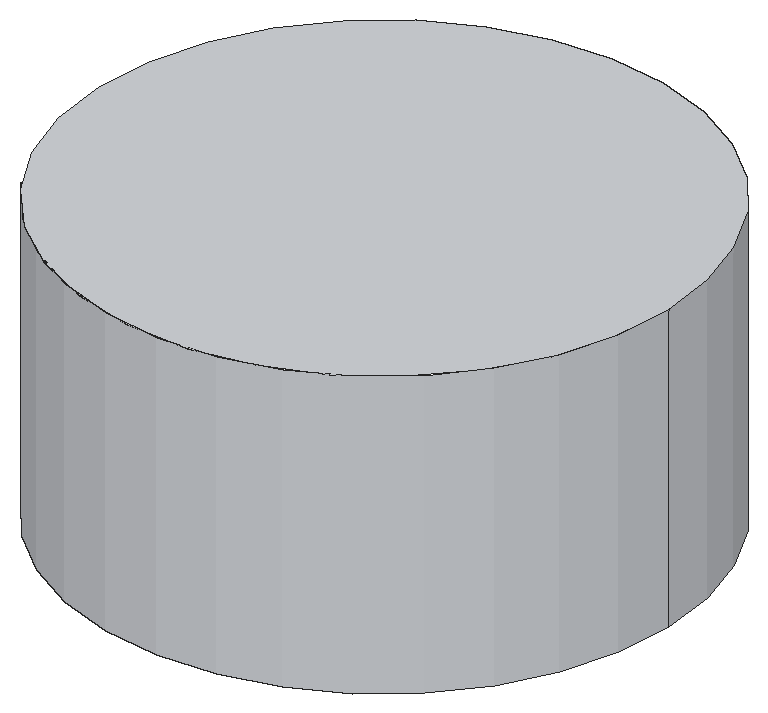
Revit family "ASF-18-C8", category Mechanical Equipment, Revit 2023
Family settings
  Round Connector Dimension = Use Diameter
  Classification = None
  Part Type = Normal
  OmniClass Number = 23.75.00.00
  OmniClass Title = Climate Control (HVAC)
  Work Plane-Based = No
  Always vertical = Yes
  Cut with Voids When Loaded = No
  Maintain Annotation Orientation = No
  Shared = No
  Room Calculation Point = No
Parameters (values of type "Standard")
  Volume = 0.10486 CF
  Title = "Aura Solar Attic Fan - 18\" Diameter, 8\" Tall Collar"
  Subject = "ASF-18-C8"
  Requested Accuracy = "Low"
  Part Number = "ASF-18-C8"
  Mass = 13.1438 lbm
  Designer = "CAD Machine"
  Design State = 1
  Density = 125.346 lb/ft³
  Default Elevation = 0' - 0"
  Creation Date = "11/21/2022"
  Connector_1_Diameter = 1' - 5 3/4"
  Center of Gravity = "X: -0.019 in Y: -6.373 in Z: -0.041 in"
  Author = "CAD Machine"
  Area = 63.8786 SF
Reference planes (in)
  plane 1 "Center (Front/Back)": y = 0
  plane 2: z = 0
  plane 3 "Center (Left/Right)": x = 0
Forms (in)
  Extrusion 1, solid
    sketch origin (0, 0, -17.51341) x (1, 0, 0) y (0, 1, 0)
      loop
        circle (0, 0) r 0.12
    from 0 to -0.12
Dimensions and locks (in)
  aligned and locked: plane 2 to level
Connectors (in)
  hvac at (0, 0, -17.51341), driven by "Connector_1_Diameter"
    settings: on Extrusion 1, index 1, duct flow 0 CFM, flow factor 0, pres drop 0.00 in-wg, loss coef 0, conn angle 0.00°, conn width 12", conn height 12", conn diameter 17 3/4", duct sys type 3, conn prof type 0, flow config 1, flow direction 1, loss method 0, conn ref index -1, conn util no, is conn primary yes, conn desc ""
